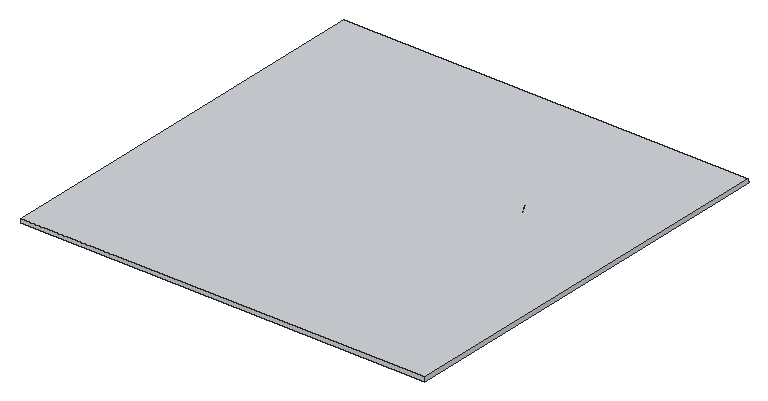
Revit family "Tyco_FireDtctnAlmCtrlIndctEquip_Zettler-AddressableOpticalSmokeDetector", category Fire Alarm Devices, host Face, Revit 2013
Parameters (values of type "830P")
  Weight = "(Excluding Base) 76g"
  WarrantyStartDate [instance] = "1900-12-31T23:59:59"
  WarrantyGuarantorParts = "Contact your supplier. If you don’t have your supplier contact details please contact (tfsuk.service@tycoint.com) or (tfseu.service@tycoint.com)"
  WarrantyGuarantorLabor = "Contact your supplier. If you don’t have your supplier contact details please contact (tfsuk.service@tycoint.com) or (tfseu.service@tycoint.com)"
  WarrantyDurationUnit = "Year"
  WarrantyDurationParts = "1.5 years"
  WarrantyDurationLabor = "1.5 years"
  WarrantyDescription = "n/a"
  Voltage = "20 – 40 VDC"
  Version = "1"
  UsageCurrent = "380μA"
  Uniclass2 = "Ee_40_15_75"
  URL = "http://www.zettlerfire.com/Products/Fire/ZETTLERdetectors/ZETTLERGen6_830P_850P.asp"
  Type Comments = "Only 4B_Detector or 4B-I_Isolator Detector Bases can be used with 830P Detector"
  TimeConstant = "n/a"
  TagNumber [instance] = "n/a"
  SustainabilityPerformance = "n/a"
  StorageTemperature = "-40 °C to +80 °C"
  SmokeSensorRange = "n/a"
  Size = "n/a"
  ShortCircuitIsolators = no
  Shape = "n/a"
  SerialNumber [instance] = "n/a"
  Revision = "n/a"
  ReplacementCost = "n/a"
  RelativeHumidity = "95%(non-condensing)"
  Reference = "n/a"
  QuiescentCurrent = "380μA"
  ProductSpecification = "830P Optical Smoke Detector without built in- line isolator"
  ProductInformation = "http://www.zettlerfire.com/Products/Fire/ZETTLERdetectors/ZETTLERGen6_830P_850P.asp"
  ProductCodes = "516.830.052"
  PressureSensorSetPoint = "n/a"
  PhaseReference = "n/a"
  PhaseAngle = 0.00°
  OperationTemperatureRange = "-25 °C to +70 °C"
  NumberOfPoles = 0
  NominalWidth = 108 mm
  NominalVoltage = "40 V DC"
  NominalLength = 108 mm
  NominalHeight = 42 mm
  NominalFrequencyRange = "n/a"
  NominalDiameter = 108 mm
  NominalCurrent = "n/a"
  Name = "830P-Addressable Optical Smoke Detector"
  NBSReference = "90-75-30/380"
  NBSDescription = "Fire detection and alarm control and indicating equipment (CIE)"
  ModelReference = "n/a"
  ModelNumber = "830P"
  Model = "830P"
  Material = "Flame Retardant-FR3010 ‘BAYBLEND'"
  ManufacturerURL = "www.zettlerfire.com"
  ManufacturerName = "Tyco Fire Protection Products"
  Manufacturer = "Tyco Fire Protection Products"  # constant formula
  InsulationStandardClass = "n/a"
  InstallationDate [instance] = "1900-12-31T23:59:59"
  IfcTypeObject = "IfcBuildingElementProxy"
  IfcExportType = "SMOKESENSOR"
  IfcExportAs = "IfcSensorType"
  IPCode = "IP44"
  HasProtectiveEarth = no
  HasBuiltInAlarm = no
  Grade = "n/a"
  Finish = "n/a"
  Features = "Addressable Optical Smoke Sensor"
  ExpectedLife = "n/a"
  ElectricalDeviceNominalPower = "n/a"
  DurationUnit = "Year"
  DeviceBases = "4B_Detector Base/4B-I_Isolator Detector Base"
  DetectorType = "Smoke Detector"
  Detector Color = Plastic Material White
  Detector Base [instance] = 4B series Detector Bases : 4B_Detector_Base
  Description = "Zettler-Addressable Optical Smoke Detector without built in-line isolator"
  Default Elevation = 1200 mm
  CoverageArea = "n/a"
  Constituents = "n/a"
  Color = "White"
  CodePerformance = "n/a"
  Category = "Ee_40_15_75"
  Brand = "Zettler"
  BarCode [instance] = "n/a"
  BIMObjectName = "Tyco_FireDtctnAlmCtrlIndctEquip_Zettler-AddressableOpticalSmokeDetector-830P"
  Author = "Tyco Fire Protection Products"
  AssetType = "Moveable"
  AssetIdentifier [instance] = "n/a"
  AlarmCurrent = "3.3mA"
  AccuracyOfSmokeSensor = "n/a"
  AccessibilityPerformance = "n/a"
Types (3, lengths in mm): name | Type Comments | ShortCircuitIsolators | ProductSpecification | ProductCodes | Name | ModelNumber | Model | DeviceBases | Detector Base | Description | BIMObjectName
  (no name) | "Only 4B_Detector or 4B-I_Isolator Detector Bases can be used with 830P Detector" | no | "830P Optical Smoke Detector without built in- line isolator" | "516.830.052" | "830P-Addressable Optical Smoke Detector" | "830P" | "830P" | "4B_Detector Base/4B-I_Isolator Detector Base" | 4B series Detector Bases : 4B_Detector_Base | "Zettler-Addressable Optical Smoke Detector without built in-line isolator" | "Tyco_FireDtctnAlmCtrlIndctEquip_Zettler-AddressableOpticalSmokeDetector-830P"
  850P | "Only 4B-C_Continuity Detector Base can be used with 850P Detector" | yes | "850P Optical Smoke Detector with built in-line isolator" | "516.850.052" | "850P-Addressable Optical Smoke Detector" | "850P" | "850P" | "4B-C_Continuity Detector Base" | 4B series Detector Bases : 4B-C_Continuity_Detector_Base | "Zettler-Addressable Optical Smoke Detector with built in-line isolator" | "Tyco_FireDtctnAlmCtrlIndctEquip_Zettler-AddressableOpticalSmokeDetector-850P"
  830P | "Only 4B_Detector or 4B-I_Isolator Detector Bases can be used with 830P Detector" | no | "830P Optical Smoke Detector without built in- line isolator" | "516.830.052" | "830P-Addressable Optical Smoke Detector" | "830P" | "830P" | "4B_Detector Base/4B-I_Isolator Detector Base" | 4B series Detector Bases : 4B_Detector_Base | "Zettler-Addressable Optical Smoke Detector without built in-line isolator" | "Tyco_FireDtctnAlmCtrlIndctEquip_Zettler-AddressableOpticalSmokeDetector-830P"
Reference planes
  plane 1 "Center (Front/Back)": y = 0
  plane 2: z = 0
  plane 3 "Center (Left/Right)": x = 0
  plane 4 "Base Ref": z = -13
  plane 5: z = -55
Forms (mm)
  Extrusion 1, solid
    sketch origin (0, 0, 0) x (1, 0, 0) y (0, 1, 0)
      loop
        line (-100, 100) -> (-100, -100) -> (100, -100) -> (100, 100) -> (-100, 100)
    from 0 to 2
Lines and regions (mm)
  symbolic lines
    curve 1: circle (0, 0, 0) r 55 normal (0, 0, 1)
    curve 2: circle (0, 0, 0) r 27.844 normal (0, 0, 1)
    curve 3: line (-54.5, 0, 0) -> (54.5, 0, 0)
    curve 63: line (0, 54.516, 0) -> (0, -54.509, 0)
  symbolic lines, detail levels medium+fine
    curve 4: line (54.5, 0, 0) -> (54, 0, -13)
    curve 5: line (54, 0, -13) -> (-54, 0, -13)
    curve 6: line (-54, 0, -13) -> (-54.5, 0, 0)
    curve 7: arc (-37.856, 0, -36.4) -> (-41.005, 0, -33.439) -> (-44.898, 0, -31.56) r 14.24
    curve 8: arc (-53.231, 0, -21.704) -> (-50.512, 0, -27.856) -> (-44.898, 0, -31.56) r 11.931
    curve 9: arc (-37.856, 0, -36.4) -> (-35.038, 0, -40.489) -> (-32.735, 0, -44.888) r 41.028
    curve 10: arc (-32.735, 0, -44.888) -> (-28.969, 0, -50.351) -> (-22.82, 0, -52.844) r 11.564
    curve 11: arc (0, 0, -55) -> (-11.461, 0, -54.465) -> (-22.82, 0, -52.844) r 120.632
    curve 12: line (-53.231, 0, -21.704) -> (-54, 0, -13)
    curve 13: arc (37.856, 0, -36.4) -> (41.005, 0, -33.439) -> (44.898, 0, -31.56) r 14.24
    curve 14: arc (53.231, 0, -21.704) -> (50.512, 0, -27.856) -> (44.898, 0, -31.56) r 11.931
    curve 15: arc (37.856, 0, -36.4) -> (35.038, 0, -40.489) -> (32.735, 0, -44.888) r 41.028
    curve 16: arc (32.735, 0, -44.888) -> (28.969, 0, -50.351) -> (22.82, 0, -52.844) r 11.564
    curve 17: arc (0, 0, -55) -> (11.461, 0, -54.465) -> (22.82, 0, -52.844) r 120.632
    curve 18: line (53.231, 0, -21.704) -> (54, 0, -13)
    curve 19: spline (-22.136, 0, -44.829) -> (-22.285, 0, -44.257) -> (-22.444, 0, -43.692) -> (-22.614, 0, -43.133) -> (-22.795, 0, -42.58) -> (-22.986, 0, -42.035) -> (-23.187, 0, -41.497) -> (-23.398, 0, -40.966) -> (-23.619, 0, -40.444) -> (-23.851, 0, -39.931) -> (-24.091, 0, -39.426) -> (-24.341, 0, -38.931) -> (-24.601, 0, -38.445)
    curve 20: spline (-24.601, 0, -38.445) -> (-24.702, 0, -38.266) -> (-24.8, 0, -38.089) -> (-24.896, 0, -37.913) -> (-24.989, 0, -37.739) -> (-25.079, 0, -37.565) -> (-25.167, 0, -37.393) -> (-25.251, 0, -37.223) -> (-25.333, 0, -37.055) -> (-25.411, 0, -36.888) -> (-25.487, 0, -36.723) -> (-25.559, 0, -36.561) -> (-25.629, 0, -36.4)
    curve 21: spline (-16.99, 0, -52.18) -> (-17.571, 0, -51.85) -> (-18.133, 0, -51.46) -> (-18.674, 0, -51.012) -> (-19.19, 0, -50.509) -> (-19.678, 0, -49.954) -> (-20.135, 0, -49.35) -> (-20.561, 0, -48.7) -> (-20.951, 0, -48.007) -> (-21.304, 0, -47.275) -> (-21.617, 0, -46.509) -> (-21.89, 0, -45.712) -> (-22.121, 0, -44.888)
    curve 22: spline (-15.029, 0, -52.569) -> (-15.179, 0, -52.575) -> (-15.34, 0, -52.573) -> (-15.509, 0, -52.563) -> (-15.684, 0, -52.545) -> (-15.863, 0, -52.52) -> (-16.042, 0, -52.488) -> (-16.219, 0, -52.45) -> (-16.391, 0, -52.405) -> (-16.557, 0, -52.355) -> (-16.713, 0, -52.3) -> (-16.858, 0, -52.241) -> (-16.99, 0, -52.179)
    curve 23: line (-8.615, 0, -52.569) -> (-15.029, 0, -52.569)
    curve 24: spline (-7.74, 0, -52.193) -> (-7.718, 0, -52.242) -> (-7.714, 0, -52.29) -> (-7.729, 0, -52.336) -> (-7.763, 0, -52.379) -> (-7.816, 0, -52.418) -> (-7.886, 0, -52.454) -> (-7.973, 0, -52.486) -> (-8.076, 0, -52.513) -> (-8.193, 0, -52.535) -> (-8.323, 0, -52.552) -> (-8.464, 0, -52.563) -> (-8.615, 0, -52.569)
    curve 25: spline (-9.631, 0, -44.858) -> (-9.546, 0, -45.688) -> (-9.446, 0, -46.491) -> (-9.331, 0, -47.263) -> (-9.201, 0, -48) -> (-9.057, 0, -48.698) -> (-8.9, 0, -49.353) -> (-8.732, 0, -49.961) -> (-8.552, 0, -50.519) -> (-8.361, 0, -51.024) -> (-8.162, 0, -51.472) -> (-7.955, 0, -51.863) -> (-7.74, 0, -52.193)
    curve 26: spline (-10.535, 0, -38.446) -> (-10.44, 0, -38.934) -> (-10.348, 0, -39.431) -> (-10.26, 0, -39.938) -> (-10.175, 0, -40.454) -> (-10.093, 0, -40.978) -> (-10.016, 0, -41.511) -> (-9.942, 0, -42.052) -> (-9.872, 0, -42.6) -> (-9.806, 0, -43.155) -> (-9.743, 0, -43.716) -> (-9.685, 0, -44.285) -> (-9.631, 0, -44.858)
    curve 27: spline (-11.314, 0, -36.4) -> (-11.222, 0, -36.558) -> (-11.135, 0, -36.719) -> (-11.053, 0, -36.883) -> (-10.976, 0, -37.048) -> (-10.903, 0, -37.216) -> (-10.836, 0, -37.386) -> (-10.773, 0, -37.558) -> (-10.715, 0, -37.732) -> (-10.663, 0, -37.908) -> (-10.615, 0, -38.086) -> (-10.573, 0, -38.265) -> (-10.535, 0, -38.446)
    curve 28: line (-11.314, 0, -36.4) -> (-25.629, 0, -36.4)
    curve 29: line (25.629, 0, -36.4) -> (11.314, 0, -36.4)
    curve 30: spline (10.566, 0, -38.296) -> (10.604, 0, -38.131) -> (10.646, 0, -37.967) -> (10.693, 0, -37.804) -> (10.745, 0, -37.642) -> (10.8, 0, -37.482) -> (10.861, 0, -37.322) -> (10.926, 0, -37.165) -> (10.995, 0, -37.008) -> (11.068, 0, -36.854) -> (11.146, 0, -36.701) -> (11.228, 0, -36.549) -> (11.314, 0, -36.4)
    curve 31: spline (9.631, 0, -44.858) -> (9.686, 0, -44.27) -> (9.747, 0, -43.687) -> (9.811, 0, -43.111) -> (9.879, 0, -42.542) -> (9.951, 0, -41.981) -> (10.028, 0, -41.428) -> (10.108, 0, -40.883) -> (10.192, 0, -40.346) -> (10.28, 0, -39.819) -> (10.371, 0, -39.301) -> (10.467, 0, -38.794) -> (10.566, 0, -38.296)
    curve 32: spline (7.762, 0, -52.162) -> (7.974, 0, -51.829) -> (8.179, 0, -51.436) -> (8.376, 0, -50.987) -> (8.564, 0, -50.482) -> (8.742, 0, -49.926) -> (8.909, 0, -49.32) -> (9.063, 0, -48.669) -> (9.205, 0, -47.976) -> (9.334, 0, -47.244) -> (9.448, 0, -46.478) -> (9.547, 0, -45.681) -> (9.631, 0, -44.858)
    curve 33: spline (8.688, 0, -52.569) -> (8.521, 0, -52.575) -> (8.364, 0, -52.572) -> (8.22, 0, -52.562) -> (8.091, 0, -52.543) -> (7.979, 0, -52.517) -> (7.884, 0, -52.483) -> (7.81, 0, -52.443) -> (7.757, 0, -52.396) -> (7.725, 0, -52.344) -> (7.716, 0, -52.288) -> (7.729, 0, -52.227) -> (7.764, 0, -52.163)
    curve 34: line (8.688, 0, -52.569) -> (15.092, 0, -52.569)
    curve 35: spline (17.057, 0, -52.145) -> (16.931, 0, -52.199) -> (16.791, 0, -52.252) -> (16.637, 0, -52.303) -> (16.473, 0, -52.352) -> (16.301, 0, -52.397) -> (16.124, 0, -52.438) -> (15.944, 0, -52.474) -> (15.763, 0, -52.505) -> (15.585, 0, -52.53) -> (15.413, 0, -52.55) -> (15.247, 0, -52.563) -> (15.092, 0, -52.569)
    curve 36: spline (22.121, 0, -44.888) -> (21.893, 0, -45.704) -> (21.623, 0, -46.494) -> (21.313, 0, -47.254) -> (20.965, 0, -47.98) -> (20.58, 0, -48.668) -> (20.161, 0, -49.314) -> (19.709, 0, -49.916) -> (19.228, 0, -50.469) -> (18.719, 0, -50.971) -> (18.186, 0, -51.419) -> (17.631, 0, -51.811) -> (17.057, 0, -52.145)
    curve 37: spline (24.552, 0, -38.534) -> (24.296, 0, -39.018) -> (24.049, 0, -39.512) -> (23.812, 0, -40.015) -> (23.584, 0, -40.526) -> (23.366, 0, -41.046) -> (23.157, 0, -41.574) -> (22.959, 0, -42.109) -> (22.77, 0, -42.652) -> (22.592, 0, -43.202) -> (22.425, 0, -43.758) -> (22.268, 0, -44.32) -> (22.121, 0, -44.888)
    curve 38: spline (25.629, 0, -36.4) -> (25.553, 0, -36.565) -> (25.475, 0, -36.732) -> (25.394, 0, -36.903) -> (25.31, 0, -37.075) -> (25.224, 0, -37.25) -> (25.135, 0, -37.428) -> (25.044, 0, -37.607) -> (24.95, 0, -37.789) -> (24.854, 0, -37.973) -> (24.756, 0, -38.158) -> (24.655, 0, -38.345) -> (24.552, 0, -38.534)
    curve 39: spline (-5.342, 0, -52.17) -> (-5.554, 0, -51.838) -> (-5.76, 0, -51.446) -> (-5.958, 0, -50.996) -> (-6.146, 0, -50.492) -> (-6.324, 0, -49.935) -> (-6.492, 0, -49.329) -> (-6.647, 0, -48.677) -> (-6.789, 0, -47.982) -> (-6.918, 0, -47.249) -> (-7.032, 0, -46.481) -> (-7.132, 0, -45.683) -> (-7.216, 0, -44.858)
    curve 40: spline (-7.216, 0, -44.858) -> (-7.282, 0, -44.168) -> (-7.354, 0, -43.485) -> (-7.431, 0, -42.812) -> (-7.514, 0, -42.149) -> (-7.603, 0, -41.497) -> (-7.697, 0, -40.857) -> (-7.796, 0, -40.228) -> (-7.901, 0, -39.612) -> (-8.011, 0, -39.01) -> (-8.125, 0, -38.421) -> (-8.245, 0, -37.848) -> (-8.369, 0, -37.289)
    curve 41: spline (-8.369, 0, -37.289) -> (-8.387, 0, -37.213) -> (-8.403, 0, -37.138) -> (-8.418, 0, -37.063) -> (-8.433, 0, -36.988) -> (-8.447, 0, -36.913) -> (-8.46, 0, -36.839) -> (-8.471, 0, -36.765) -> (-8.482, 0, -36.691) -> (-8.492, 0, -36.618) -> (-8.502, 0, -36.545) -> (-8.51, 0, -36.472) -> (-8.517, 0, -36.4)
    curve 42: line (8.517, 0, -36.4) -> (-8.517, 0, -36.4)
    curve 43: spline (8.517, 0, -36.4) -> (8.51, 0, -36.474) -> (8.501, 0, -36.548) -> (8.491, 0, -36.622) -> (8.481, 0, -36.697) -> (8.47, 0, -36.772) -> (8.457, 0, -36.847) -> (8.444, 0, -36.923) -> (8.43, 0, -37) -> (8.415, 0, -37.076) -> (8.399, 0, -37.153) -> (8.383, 0, -37.231) -> (8.365, 0, -37.308)
    curve 44: spline (8.365, 0, -37.308) -> (8.241, 0, -37.866) -> (8.122, 0, -38.438) -> (8.008, 0, -39.025) -> (7.899, 0, -39.626) -> (7.794, 0, -40.241) -> (7.695, 0, -40.868) -> (7.602, 0, -41.507) -> (7.513, 0, -42.157) -> (7.43, 0, -42.818) -> (7.353, 0, -43.489) -> (7.282, 0, -44.17) -> (7.216, 0, -44.858)
    curve 45: spline (7.216, 0, -44.858) -> (7.132, 0, -45.678) -> (7.034, 0, -46.472) -> (6.92, 0, -47.236) -> (6.792, 0, -47.966) -> (6.651, 0, -48.657) -> (6.497, 0, -49.307) -> (6.331, 0, -49.911) -> (6.155, 0, -50.467) -> (5.968, 0, -50.971) -> (5.772, 0, -51.421) -> (5.568, 0, -51.815) -> (5.357, 0, -52.149)
    curve 46: spline (5.355, 0, -52.148) -> (5.306, 0, -52.202) -> (5.236, 0, -52.255) -> (5.147, 0, -52.305) -> (5.039, 0, -52.353) -> (4.913, 0, -52.398) -> (4.773, 0, -52.439) -> (4.62, 0, -52.475) -> (4.456, 0, -52.505) -> (4.283, 0, -52.531) -> (4.104, 0, -52.55) -> (3.922, 0, -52.563) -> (3.739, 0, -52.569)
    curve 47: line (-3.661, 0, -52.569) -> (3.739, 0, -52.569)
    curve 48: spline (-3.661, 0, -52.569) -> (-3.845, 0, -52.575) -> (-4.029, 0, -52.573) -> (-4.211, 0, -52.562) -> (-4.387, 0, -52.544) -> (-4.556, 0, -52.519) -> (-4.715, 0, -52.486) -> (-4.862, 0, -52.446) -> (-4.994, 0, -52.4) -> (-5.109, 0, -52.348) -> (-5.207, 0, -52.292) -> (-5.284, 0, -52.232) -> (-5.341, 0, -52.169)
    curve 49: line (44.898, 0, -31.56) -> (-44.898, 0, -31.56)
    curve 50: spline (0, 37.856, -36.4) -> (0, 37.299, -37.005) -> (0, 36.763, -37.63) -> (0, 36.251, -38.275) -> (0, 35.762, -38.94) -> (0, 35.296, -39.622) -> (0, 34.855, -40.322) -> (0, 34.439, -41.038) -> (0, 34.049, -41.77) -> (0, 33.685, -42.516) -> (0, 33.348, -43.275) -> (0, 33.038, -44.046) -> (0, 32.755, -44.829)
    curve 51: spline (0, 32.755, -44.829) -> (0, 32.382, -45.801) -> (0, 31.928, -46.735) -> (0, 31.397, -47.625) -> (0, 30.793, -48.464) -> (0, 30.122, -49.246) -> (0, 29.387, -49.964) -> (0, 28.594, -50.613) -> (0, 27.75, -51.188) -> (0, 26.861, -51.685) -> (0, 25.934, -52.1) -> (0, 24.975, -52.43) -> (0, 23.992, -52.672)
    curve 52: arc (0, 53.231, -21.704) -> (0, 50.509, -27.854) -> (0, 44.898, -31.56) r 11.949
    curve 53: arc (0, 44.898, -31.56) -> (0, 41.006, -33.441) -> (0, 37.856, -36.4) r 14.284
    curve 54: arc (0, 23.992, -52.672) -> (0, 12.052, -54.412) -> (0, 0, -55) r 125.727
    curve 55: line (0, 53.231, -21.704) -> (0, 53.992, -13)
    curve 56: spline (0, -37.856, -36.4) -> (0, -37.299, -37.005) -> (0, -36.763, -37.63) -> (0, -36.251, -38.275) -> (0, -35.762, -38.94) -> (0, -35.296, -39.622) -> (0, -34.855, -40.322) -> (0, -34.439, -41.038) -> (0, -34.049, -41.77) -> (0, -33.685, -42.516) -> (0, -33.348, -43.275) -> (0, -33.038, -44.046) -> (0, -32.755, -44.829)
    curve 57: spline (0, -32.755, -44.829) -> (0, -32.382, -45.801) -> (0, -31.928, -46.735) -> (0, -31.397, -47.625) -> (0, -30.793, -48.464) -> (0, -30.122, -49.246) -> (0, -29.387, -49.964) -> (0, -28.594, -50.613) -> (0, -27.75, -51.188) -> (0, -26.861, -51.685) -> (0, -25.934, -52.1) -> (0, -24.975, -52.43) -> (0, -23.992, -52.672)
    curve 58: arc (0, -53.231, -21.704) -> (0, -50.509, -27.854) -> (0, -44.898, -31.56) r 11.949
    curve 59: arc (0, -44.898, -31.56) -> (0, -41.006, -33.441) -> (0, -37.856, -36.4) r 14.284
    curve 60: arc (0, -23.992, -52.672) -> (0, -12.052, -54.412) -> (0, 0, -55) r 125.727
    curve 61: line (0, -53.231, -21.704) -> (0, -53.992, -13)
    curve 62: line (0, 53.992, -13) -> (0, -53.992, -13)
    curve 64: line (0, -54.509, 0) -> (0, -53.992, -13)
    curve 65: line (0, 53.992, -13) -> (0, 54.516, 0)
    curve 66: line (0, 53.231, -21.704) -> (0, -53.231, -21.704)
    curve 67: spline (0, 5.342, -52.17) -> (0, 5.554, -51.838) -> (0, 5.76, -51.446) -> (0, 5.958, -50.996) -> (0, 6.146, -50.492) -> (0, 6.324, -49.935) -> (0, 6.492, -49.329) -> (0, 6.647, -48.677) -> (0, 6.789, -47.982) -> (0, 6.918, -47.249) -> (0, 7.032, -46.481) -> (0, 7.132, -45.683) -> (0, 7.216, -44.858)
    curve 68: spline (0, 3.661, -52.569) -> (0, 3.845, -52.575) -> (0, 4.029, -52.573) -> (0, 4.21, -52.562) -> (0, 4.387, -52.544) -> (0, 4.556, -52.519) -> (0, 4.715, -52.486) -> (0, 4.862, -52.446) -> (0, 4.994, -52.4) -> (0, 5.109, -52.348) -> (0, 5.207, -52.292) -> (0, 5.284, -52.232) -> (0, 5.341, -52.169)
    curve 69: line (0, 0, -52.569) -> (0, 3.661, -52.569)
    curve 70: line (0, -3.739, -52.569) -> (0, 0, -52.569)
    curve 71: spline (0, -5.355, -52.148) -> (0, -5.306, -52.202) -> (0, -5.236, -52.255) -> (0, -5.147, -52.305) -> (0, -5.039, -52.353) -> (0, -4.913, -52.398) -> (0, -4.773, -52.439) -> (0, -4.62, -52.475) -> (0, -4.456, -52.505) -> (0, -4.283, -52.531) -> (0, -4.104, -52.55) -> (0, -3.922, -52.563) -> (0, -3.739, -52.569)
    curve 72: spline (0, -7.216, -44.858) -> (0, -7.132, -45.678) -> (0, -7.034, -46.472) -> (0, -6.92, -47.236) -> (0, -6.792, -47.966) -> (0, -6.651, -48.657) -> (0, -6.497, -49.307) -> (0, -6.331, -49.911) -> (0, -6.155, -50.467) -> (0, -5.968, -50.971) -> (0, -5.772, -51.421) -> (0, -5.568, -51.815) -> (0, -5.357, -52.149)
    curve 73: spline (0, -8.365, -37.308) -> (0, -8.241, -37.866) -> (0, -8.122, -38.438) -> (0, -8.008, -39.025) -> (0, -7.899, -39.626) -> (0, -7.794, -40.241) -> (0, -7.695, -40.868) -> (0, -7.602, -41.507) -> (0, -7.513, -42.157) -> (0, -7.43, -42.818) -> (0, -7.353, -43.489) -> (0, -7.282, -44.17) -> (0, -7.216, -44.858)
    curve 74: spline (0, 7.216, -44.858) -> (0, 7.282, -44.165) -> (0, 7.354, -43.48) -> (0, 7.432, -42.805) -> (0, 7.516, -42.14) -> (0, 7.605, -41.486) -> (0, 7.699, -40.843) -> (0, 7.799, -40.212) -> (0, 7.904, -39.594) -> (0, 8.014, -38.99) -> (0, 8.13, -38.4) -> (0, 8.25, -37.825) -> (0, 8.375, -37.265)
    curve 75: spline (0, 8.375, -37.265) -> (0, 8.391, -37.191) -> (0, 8.407, -37.118) -> (0, 8.422, -37.045) -> (0, 8.436, -36.972) -> (0, 8.449, -36.899) -> (0, 8.462, -36.827) -> (0, 8.473, -36.755) -> (0, 8.484, -36.683) -> (0, 8.493, -36.612) -> (0, 8.502, -36.541) -> (0, 8.51, -36.47) -> (0, 8.517, -36.4)
    curve 76: line (0, 8.517, -36.4) -> (0, 0, -36.4)
    curve 77: line (0, 0, -36.4) -> (0, -8.517, -36.4)
    curve 78: spline (0, -8.517, -36.4) -> (0, -8.51, -36.474) -> (0, -8.501, -36.548) -> (0, -8.491, -36.622) -> (0, -8.481, -36.697) -> (0, -8.47, -36.772) -> (0, -8.457, -36.848) -> (0, -8.444, -36.923) -> (0, -8.43, -37) -> (0, -8.415, -37.076) -> (0, -8.399, -37.153) -> (0, -8.383, -37.231) -> (0, -8.365, -37.308)
    curve 79: spline (0, 11.314, -36.4) -> (0, 11.222, -36.558) -> (0, 11.135, -36.719) -> (0, 11.053, -36.882) -> (0, 10.976, -37.048) -> (0, 10.903, -37.216) -> (0, 10.836, -37.386) -> (0, 10.773, -37.558) -> (0, 10.715, -37.732) -> (0, 10.663, -37.907) -> (0, 10.615, -38.085) -> (0, 10.573, -38.264) -> (0, 10.535, -38.445)
    curve 80: spline (0, 10.535, -38.445) -> (0, 10.44, -38.933) -> (0, 10.348, -39.43) -> (0, 10.26, -39.937) -> (0, 10.175, -40.453) -> (0, 10.094, -40.978) -> (0, 10.016, -41.51) -> (0, 9.942, -42.051) -> (0, 9.872, -42.599) -> (0, 9.806, -43.154) -> (0, 9.743, -43.716) -> (0, 9.685, -44.284) -> (0, 9.631, -44.858)
    curve 81: spline (0, 9.631, -44.858) -> (0, 9.546, -45.688) -> (0, 9.446, -46.491) -> (0, 9.33, -47.263) -> (0, 9.201, -48) -> (0, 9.057, -48.698) -> (0, 8.9, -49.353) -> (0, 8.732, -49.961) -> (0, 8.552, -50.519) -> (0, 8.361, -51.024) -> (0, 8.162, -51.472) -> (0, 7.955, -51.863) -> (0, 7.74, -52.193)
    curve 82: spline (0, 7.74, -52.193) -> (0, 7.718, -52.242) -> (0, 7.714, -52.29) -> (0, 7.729, -52.336) -> (0, 7.763, -52.379) -> (0, 7.816, -52.418) -> (0, 7.886, -52.454) -> (0, 7.973, -52.486) -> (0, 8.076, -52.513) -> (0, 8.193, -52.535) -> (0, 8.323, -52.552) -> (0, 8.464, -52.563) -> (0, 8.616, -52.569)
    curve 83: line (0, 8.616, -52.569) -> (0, 15.029, -52.569)
    curve 84: spline (0, 15.029, -52.569) -> (0, 15.179, -52.575) -> (0, 15.34, -52.573) -> (0, 15.509, -52.563) -> (0, 15.684, -52.545) -> (0, 15.863, -52.52) -> (0, 16.041, -52.488) -> (0, 16.219, -52.45) -> (0, 16.391, -52.405) -> (0, 16.557, -52.355) -> (0, 16.713, -52.3) -> (0, 16.858, -52.241) -> (0, 16.99, -52.179)
    curve 85: spline (0, 16.99, -52.18) -> (0, 17.571, -51.85) -> (0, 18.133, -51.46) -> (0, 18.674, -51.012) -> (0, 19.19, -50.509) -> (0, 19.678, -49.954) -> (0, 20.135, -49.35) -> (0, 20.561, -48.7) -> (0, 20.951, -48.007) -> (0, 21.304, -47.275) -> (0, 21.617, -46.509) -> (0, 21.89, -45.712) -> (0, 22.121, -44.888)
    curve 86: spline (0, 22.136, -44.829) -> (0, 22.285, -44.257) -> (0, 22.444, -43.692) -> (0, 22.614, -43.133) -> (0, 22.795, -42.58) -> (0, 22.985, -42.035) -> (0, 23.187, -41.497) -> (0, 23.398, -40.967) -> (0, 23.619, -40.445) -> (0, 23.85, -39.931) -> (0, 24.091, -39.426) -> (0, 24.341, -38.931) -> (0, 24.601, -38.445)
    curve 87: spline (0, 24.601, -38.445) -> (0, 24.702, -38.267) -> (0, 24.8, -38.09) -> (0, 24.896, -37.914) -> (0, 24.989, -37.739) -> (0, 25.079, -37.566) -> (0, 25.167, -37.394) -> (0, 25.251, -37.224) -> (0, 25.333, -37.055) -> (0, 25.411, -36.888) -> (0, 25.487, -36.724) -> (0, 25.559, -36.561) -> (0, 25.629, -36.4)
    curve 88: line (0, 25.629, -36.4) -> (0, 11.314, -36.4)
    curve 89: line (0, -11.314, -36.4) -> (0, -25.629, -36.4)
    curve 90: spline (0, -25.629, -36.4) -> (0, -25.553, -36.565) -> (0, -25.475, -36.733) -> (0, -25.394, -36.903) -> (0, -25.31, -37.076) -> (0, -25.224, -37.251) -> (0, -25.135, -37.428) -> (0, -25.044, -37.608) -> (0, -24.95, -37.789) -> (0, -24.854, -37.973) -> (0, -24.755, -38.159) -> (0, -24.655, -38.346) -> (0, -24.552, -38.535)
    curve 91: spline (0, -24.552, -38.535) -> (0, -24.298, -39.015) -> (0, -24.053, -39.504) -> (0, -23.818, -40.002) -> (0, -23.591, -40.509) -> (0, -23.375, -41.024) -> (0, -23.168, -41.546) -> (0, -22.97, -42.077) -> (0, -22.783, -42.614) -> (0, -22.606, -43.159) -> (0, -22.439, -43.709) -> (0, -22.282, -44.266) -> (0, -22.136, -44.829)
    curve 92: spline (0, -22.121, -44.888) -> (0, -21.893, -45.704) -> (0, -21.623, -46.494) -> (0, -21.313, -47.254) -> (0, -20.965, -47.98) -> (0, -20.58, -48.668) -> (0, -20.161, -49.314) -> (0, -19.709, -49.916) -> (0, -19.228, -50.469) -> (0, -18.719, -50.971) -> (0, -18.186, -51.419) -> (0, -17.631, -51.811) -> (0, -17.057, -52.145)
    curve 93: spline (0, -17.057, -52.145) -> (0, -16.931, -52.199) -> (0, -16.79, -52.252) -> (0, -16.637, -52.304) -> (0, -16.473, -52.352) -> (0, -16.301, -52.397) -> (0, -16.124, -52.438) -> (0, -15.944, -52.474) -> (0, -15.763, -52.505) -> (0, -15.585, -52.53) -> (0, -15.413, -52.55) -> (0, -15.247, -52.563) -> (0, -15.092, -52.569)
    curve 94: line (0, -8.688, -52.569) -> (0, -15.092, -52.569)
    curve 95: spline (0, -8.688, -52.569) -> (0, -8.521, -52.575) -> (0, -8.364, -52.573) -> (0, -8.22, -52.562) -> (0, -8.091, -52.544) -> (0, -7.978, -52.517) -> (0, -7.884, -52.484) -> (0, -7.81, -52.443) -> (0, -7.757, -52.397) -> (0, -7.725, -52.344) -> (0, -7.716, -52.287) -> (0, -7.729, -52.226) -> (0, -7.764, -52.163)
    curve 96: spline (0, -7.763, -52.162) -> (0, -7.975, -51.828) -> (0, -8.18, -51.436) -> (0, -8.376, -50.986) -> (0, -8.564, -50.482) -> (0, -8.742, -49.925) -> (0, -8.909, -49.32) -> (0, -9.063, -48.669) -> (0, -9.205, -47.976) -> (0, -9.334, -47.244) -> (0, -9.448, -46.478) -> (0, -9.547, -45.681) -> (0, -9.631, -44.858)
    curve 97: spline (0, -9.631, -44.858) -> (0, -9.686, -44.27) -> (0, -9.747, -43.687) -> (0, -9.811, -43.111) -> (0, -9.879, -42.542) -> (0, -9.951, -41.981) -> (0, -10.028, -41.427) -> (0, -10.108, -40.882) -> (0, -10.192, -40.346) -> (0, -10.28, -39.818) -> (0, -10.372, -39.301) -> (0, -10.467, -38.793) -> (0, -10.566, -38.295)
    curve 98: spline (0, -10.566, -38.295) -> (0, -10.604, -38.13) -> (0, -10.646, -37.966) -> (0, -10.693, -37.803) -> (0, -10.745, -37.642) -> (0, -10.8, -37.481) -> (0, -10.861, -37.322) -> (0, -10.926, -37.164) -> (0, -10.995, -37.008) -> (0, -11.068, -36.854) -> (0, -11.146, -36.701) -> (0, -11.228, -36.549) -> (0, -11.314, -36.4)
  symbolic lines, detail levels coarse
    curve 99: line (-54.5, 0, -55) -> (-54.5, 0, 0)
    curve 100: line (54.559, 0, -55) -> (-54.5, 0, -55)
    curve 101: line (54.559, 0, 0) -> (54.559, 0, -55)
    curve 102: line (0, 54.516, 0) -> (0, 54.516, -55)
    curve 103: line (0, -54.509, 0) -> (0, -54.509, -55)
    curve 104: line (0, -54.509, -55) -> (0, 54.516, -55)
Dimensions and locks
  locked: plane 4 "Base Ref" to plane 5 at 42
  locked: Extrusion 1 sketch curve to Extrusion 1 sketch curve at 200  (x2)
  locked: plane 3 "Center (Left/Right)" to Extrusion 1 sketch curve at 100
  locked: plane 1 "Center (Front/Back)" to Extrusion 1 sketch curve at 100
  locked: level to plane 4 "Base Ref" at 13
  aligned and locked: plane 2 to Extrusion 1
  aligned and locked: level to Extrusion 1
  aligned and locked: plane 3 "Center (Left/Right)" to nested 1
  aligned and locked: plane 1 "Center (Front/Back)" to nested 1
  aligned and locked: plane 1 "Center (Front/Back)" to nested 2
  aligned and locked: plane 3 "Center (Left/Right)" to nested 2
  aligned and locked: plane 1 "Center (Front/Back)" to curve 1
  aligned and locked: plane 3 "Center (Left/Right)" to curve 1
  aligned and locked: plane 1 "Center (Front/Back)" to curve 2
  aligned and locked: plane 3 "Center (Left/Right)" to curve 2
  aligned and locked: plane 4 "Base Ref" to nested 1
  aligned and locked: nested 1 to Extrusion 1
  aligned and locked: curve 12 to nested 2
  aligned and locked: curve 28 to nested 2
  aligned and locked: nested 1 to curve 62
  aligned and locked: nested 2 to curve 88
  aligned and locked: curve 99 to nested 1
  aligned and locked: plane 5 to curve 100
  aligned and locked: curve 101 to nested 1
  aligned and locked: nested 1 to curve 99
  aligned and locked: plane 5 to curve 104
Nested families
  nested 1: "4B series Detector Bases" at (0, 0, 0), type <- "Detector Base", type "4B_Detector_Base"
  nested 2: "Detector Model" at (0, 0, -13), type "Detector Model"
Connectors
  electrical at (0, 0, 0)
    settings: on plane 2, index 1, voltage 0 V, apparent load 0 VA, apparent load phase1 0 VA, apparent load phase2 0 VA, apparent load phase3 0 VA, power factor 1, load classification "Other", number of poles 1, system type 11, power factor state 1, is connector primary yes, connector utility no, sub classification motor no, connector description "Loop Powered"
Definition of nested family "4B series Detector Bases"
  Parameters (values of type "4B-I_Isolator_Detector_Base")
    Material = Plastic Material White
    Manufacturer = "Tyco"
    Default Elevation = 0 mm
  Types (3): name
    4B_Detector_Base
    4B-C_Continuity_Detector_Base
    4B-I_Isolator_Detector_Base
  Reference planes
    plane 1 "Center (Front/Back)": y = 0
    plane 2: z = 0
    plane 3 "Center (Left/Right)": x = 0
    plane 4 "Base Ref": z = -13
  Forms (mm)
    Revolve 1, solid, material "Plastic Material White" <- "Material"
      sketch origin (0, 0, 0) x (1, 0, 0) y (0, 0, 1)
        loop
          line (0, 0) -> (-54.5, 0) -> (-54.023, -13) -> (0, -13) -> (0, 0)
        axis (0, 0) -> (0, -13)
      angle from 0 to 360
  Dimensions and locks
    locked: plane 3 "Center (Left/Right)" to Revolve 1 sketch curve at 54.5
    plane 3 "Center (Left/Right)" to Revolve 1 sketch curve = 54.023 mm
    locked: level to plane 4 "Base Ref" at 13
    locked: Revolve 1 sketch curve to Revolve 1 sketch curve (angle 87.90°)
    aligned and locked: level to plane 2
    aligned and locked: plane 3 "Center (Left/Right)" to Revolve 1 sketch curve
    aligned and locked: level to Revolve 1 sketch curve
    aligned and locked: Revolve 1 sketch curve to plane 3 "Center (Left/Right)"
    aligned and locked: plane 4 "Base Ref" to Revolve 1 sketch curve
Definition of nested family "Detector Model"
  Parameters (values of type "Detector Model")
    Model = "Detector Model"
    Material = Plastic Material White
    Manufacturer = "Tyco"
  Reference planes
    plane 1 "Center (Front/Back)": y = 0
    plane 2: z = 0
    plane 3 "Center (Left/Right)": x = 0
    plane 4: z = -42
    plane 5 "Ref": z = -23.4
  Forms (mm)
    Revolve 1, solid, material "Plastic Material White" <- "Material"
      sketch origin (0, 0, 0) x (1, 0, 0) y (0, 0, 1)
        loop
          arc (-53.231, -8.704) -> (-50.502, -14.848) -> (-44.898, -18.56) r 12
          arc (-44.898, -18.56) -> (-37.35, -23.928) -> (-32.568, -31.859) r 22.749
          arc (-32.568, -31.859) -> (-29.115, -36.946) -> (-23.598, -39.657) r 12.009
          arc (-23.598, -39.657) -> (-11.857, -41.413) -> (0, -42) r 120
          line (0, -42) -> (0, -39.5)
          arc (0, -39.5) -> (-11.964, -38.889) -> (-23.804, -37.064) r 117.5
          line (-23.804, -37.064) -> (-27.901, -23.206) -> (-38.112, -19.797)
          arc (-38.112, -19.797) -> (-40.949, -17.799) -> (-44.033, -16.209) r 25.249
          arc (-44.033, -16.209) -> (-48.534, -13.303) -> (-50.746, -8.424) r 9.5
          line (-50.746, -8.424) -> (-51.49, 0) -> (-54, 0) -> (-53.231, -8.704)
        axis (0, 0) -> (0, -42)
      angle from 0 to 360
    Extrusion 2, void
      sketch origin (0, 0, 0) x (1, 0, 0) y (0, 1, 0)
        loop
          arc (3.675, 23.717) -> (4.724, 23.943) -> (5.354, 24.811) r 1.5
          line (5.354, 24.811) -> (8.376, 36.088)
          arc (8.376, 36.088) -> (8.535, 37.153) -> (8.464, 38.226) r 5
          line (8.464, 38.226) -> (7.11, 45.906)
          arc (7.11, 45.906) -> (0, 46.454) -> (-7.11, 45.906) r 46.454
          line (-7.11, 45.906) -> (-8.464, 38.226)
          arc (-8.464, 38.226) -> (-8.535, 37.14) -> (-8.369, 36.064) r 5
          line (-8.369, 36.064) -> (-5.354, 24.811)
          arc (-5.354, 24.811) -> (-4.724, 23.943) -> (-3.675, 23.717) r 1.5
          arc (-3.675, 23.717) -> (0, 24) -> (3.675, 23.717) r 24
        loop
          line (-34.489, 10.535) -> (-24.164, 7.769)
          arc (-24.164, 7.769) -> (-23.097, 7.88) -> (-22.377, 8.675) r 1.5
          arc (-22.377, 8.675) -> (-20.785, 12) -> (-18.702, 15.041) r 24
          arc (-18.702, 15.041) -> (-18.373, 16.063) -> (-18.81, 17.042) r 1.5
          line (-18.81, 17.042) -> (-26.368, 24.601)
          arc (-26.368, 24.601) -> (-27.121, 25.219) -> (-27.978, 25.679) r 5
          line (-27.978, 25.679) -> (-36.201, 29.11)
          arc (-36.201, 29.11) -> (-40.23, 23.227) -> (-43.311, 16.796) r 46.454
          line (-43.311, 16.796) -> (-36.229, 11.391)
          arc (-36.229, 11.391) -> (-35.401, 10.878) -> (-34.489, 10.535) r 5
        loop
          line (-24.811, 5.354) -> (-36.089, 8.376)
          arc (-36.089, 8.376) -> (-37.153, 8.535) -> (-38.226, 8.464) r 5
          line (-38.226, 8.464) -> (-45.906, 7.11)
          arc (-45.906, 7.11) -> (-46.454, 0) -> (-45.906, -7.11) r 46.454
          line (-45.906, -7.11) -> (-38.226, -8.464)
          arc (-38.226, -8.464) -> (-37.153, -8.535) -> (-36.088, -8.376) r 5
          line (-36.088, -8.376) -> (-24.811, -5.354)
          arc (-24.811, -5.354) -> (-23.943, -4.724) -> (-23.717, -3.675) r 1.5
          arc (-23.717, -3.675) -> (-24, 0) -> (-23.717, 3.675) r 24
          arc (-23.717, 3.675) -> (-23.943, 4.724) -> (-24.811, 5.354) r 1.5
        loop
          line (-24.601, 26.369) -> (-17.042, 18.81)
          arc (-17.042, 18.81) -> (-16.063, 18.373) -> (-15.041, 18.702) r 1.5
          arc (-15.041, 18.702) -> (-12, 20.785) -> (-8.676, 22.377) r 24
          arc (-8.676, 22.377) -> (-7.88, 23.097) -> (-7.769, 24.164) r 1.5
          line (-7.769, 24.164) -> (-10.535, 34.489)
          arc (-10.535, 34.489) -> (-10.878, 35.4) -> (-11.39, 36.228) r 5
          line (-11.39, 36.228) -> (-16.796, 43.311)
          arc (-16.796, 43.311) -> (-23.227, 40.23) -> (-29.11, 36.201) r 46.454
          line (-29.11, 36.201) -> (-25.68, 27.979)
          arc (-25.68, 27.979) -> (-25.219, 27.121) -> (-24.601, 26.369) r 5
        loop
          arc (7.772, 24.177) -> (7.877, 23.103) -> (8.675, 22.377) r 1.5
          arc (8.675, 22.377) -> (12, 20.785) -> (15.041, 18.702) r 24
          arc (15.041, 18.702) -> (16.062, 18.373) -> (17.042, 18.81) r 1.5
          line (17.042, 18.81) -> (24.601, 26.369)
          arc (24.601, 26.369) -> (25.219, 27.121) -> (25.68, 27.979) r 5
          line (25.68, 27.979) -> (29.11, 36.201)
          arc (29.11, 36.201) -> (23.227, 40.23) -> (16.796, 43.311) r 46.454
          line (16.796, 43.311) -> (11.39, 36.228)
          arc (11.39, 36.228) -> (10.878, 35.4) -> (10.535, 34.489) r 5
          line (10.535, 34.489) -> (7.772, 24.177)
        loop
          arc (18.818, 17.05) -> (18.373, 16.068) -> (18.702, 15.041) r 1.5
          arc (18.702, 15.041) -> (20.785, 12) -> (22.377, 8.675) r 24
          arc (22.377, 8.675) -> (23.097, 7.88) -> (24.164, 7.769) r 1.5
          line (24.164, 7.769) -> (34.489, 10.535)
          arc (34.489, 10.535) -> (35.401, 10.878) -> (36.229, 11.391) r 5
          line (36.229, 11.391) -> (43.311, 16.796)
          arc (43.311, 16.796) -> (40.23, 23.227) -> (36.201, 29.11) r 46.454
          line (36.201, 29.11) -> (27.978, 25.679)
          arc (27.978, 25.679) -> (27.121, 25.219) -> (26.368, 24.601) r 5
          line (26.368, 24.601) -> (18.818, 17.05)
        loop
          arc (23.717, -3.675) -> (23.943, -4.724) -> (24.811, -5.354) r 1.5
          line (24.811, -5.354) -> (36.085, -8.375)
          arc (36.085, -8.375) -> (37.151, -8.535) -> (38.226, -8.464) r 5
          line (38.226, -8.464) -> (45.906, -7.11)
          arc (45.906, -7.11) -> (46.454, 0) -> (45.906, 7.11) r 46.454
          line (45.906, 7.11) -> (38.226, 8.464)
          arc (38.226, 8.464) -> (37.151, 8.535) -> (36.085, 8.375) r 5
          line (36.085, 8.375) -> (24.811, 5.354)
          arc (24.811, 5.354) -> (23.943, 4.724) -> (23.717, 3.675) r 1.5
          arc (23.717, 3.675) -> (24, 0) -> (23.717, -3.675) r 24
        loop
          arc (18.702, -15.041) -> (18.372, -16.057) -> (18.802, -17.034) r 1.5
          line (18.802, -17.034) -> (26.368, -24.601)
          arc (26.368, -24.601) -> (27.121, -25.219) -> (27.978, -25.679) r 5
          line (27.978, -25.679) -> (36.201, -29.11)
          arc (36.201, -29.11) -> (40.23, -23.227) -> (43.311, -16.796) r 46.454
          line (43.311, -16.796) -> (36.229, -11.391)
          arc (36.229, -11.391) -> (35.401, -10.878) -> (34.489, -10.535) r 5
          line (34.489, -10.535) -> (24.164, -7.769)
          arc (24.164, -7.769) -> (23.097, -7.88) -> (22.377, -8.675) r 1.5
          arc (22.377, -8.675) -> (20.785, -12) -> (18.702, -15.041) r 24
        loop
          arc (8.675, -22.377) -> (7.883, -23.091) -> (7.765, -24.151) r 1.5
          line (7.765, -24.151) -> (10.535, -34.489)
          arc (10.535, -34.489) -> (10.878, -35.4) -> (11.39, -36.228) r 5
          line (11.39, -36.228) -> (16.796, -43.311)
          arc (16.796, -43.311) -> (23.227, -40.23) -> (29.11, -36.201) r 46.454
          line (29.11, -36.201) -> (25.68, -27.979)
          arc (25.68, -27.979) -> (25.219, -27.121) -> (24.601, -26.369) r 5
          line (24.601, -26.369) -> (17.042, -18.81)
          arc (17.042, -18.81) -> (16.062, -18.373) -> (15.041, -18.702) r 1.5
          arc (15.041, -18.702) -> (12, -20.785) -> (8.675, -22.377) r 24
        loop
          line (8.376, -36.088) -> (5.354, -24.811)
          arc (5.354, -24.811) -> (4.724, -23.943) -> (3.675, -23.717) r 1.5
          arc (3.675, -23.717) -> (0, -24) -> (-3.675, -23.717) r 24
          arc (-3.675, -23.717) -> (-4.724, -23.943) -> (-5.354, -24.811) r 1.5
          line (-5.354, -24.811) -> (-8.369, -36.064)
          arc (-8.369, -36.064) -> (-8.535, -37.14) -> (-8.464, -38.226) r 5
          line (-8.464, -38.226) -> (-7.11, -45.906)
          arc (-7.11, -45.906) -> (0, -46.454) -> (7.11, -45.906) r 46.454
          line (7.11, -45.906) -> (8.464, -38.226)
          arc (8.464, -38.226) -> (8.535, -37.153) -> (8.376, -36.088) r 5
        loop
          line (-10.535, -34.489) -> (-7.769, -24.164)
          arc (-7.769, -24.164) -> (-7.88, -23.097) -> (-8.676, -22.377) r 1.5
          arc (-8.676, -22.377) -> (-12, -20.785) -> (-15.041, -18.702) r 24
          arc (-15.041, -18.702) -> (-16.063, -18.373) -> (-17.042, -18.81) r 1.5
          line (-17.042, -18.81) -> (-24.601, -26.369)
          arc (-24.601, -26.369) -> (-25.219, -27.121) -> (-25.68, -27.979) r 5
          line (-25.68, -27.979) -> (-29.11, -36.201)
          arc (-29.11, -36.201) -> (-23.227, -40.23) -> (-16.796, -43.311) r 46.454
          line (-16.796, -43.311) -> (-11.39, -36.228)
          arc (-11.39, -36.228) -> (-10.878, -35.4) -> (-10.535, -34.489) r 5
        loop
          line (-26.368, -24.601) -> (-18.81, -17.042)
          arc (-18.81, -17.042) -> (-18.373, -16.063) -> (-18.702, -15.041) r 1.5
          arc (-18.702, -15.041) -> (-20.785, -12) -> (-22.377, -8.675) r 24
          arc (-22.377, -8.675) -> (-23.097, -7.88) -> (-24.164, -7.769) r 1.5
          line (-24.164, -7.769) -> (-34.489, -10.535)
          arc (-34.489, -10.535) -> (-35.401, -10.878) -> (-36.229, -11.391) r 5
          line (-36.229, -11.391) -> (-43.311, -16.796)
          arc (-43.311, -16.796) -> (-40.23, -23.227) -> (-36.201, -29.11) r 46.454
          line (-36.201, -29.11) -> (-27.978, -25.679)
          arc (-27.978, -25.679) -> (-27.121, -25.219) -> (-26.368, -24.601) r 5
      from -42 to -23.4
    Revolve 3, solid, material "Material Black", detail levels fine
      sketch origin (0, 0, 0) x (1, 0, 0) y (0, 0, 1)
        loop
          line (0, -39.569) -> (0, 0) -> (-50, 0) -> (-50, -8.704) -> (-34, -8.704)
          arc (-34, -8.704) -> (-31.172, -9.876) -> (-30, -12.704) r 4
          line (-30, -12.704) -> (-30, -21.4)
          arc (-30, -21.4) -> (-29.414, -22.814) -> (-28, -23.4) r 2
          line (-28, -23.4) -> (-22, -23.4)
          arc (-22, -23.4) -> (-20.586, -23.986) -> (-20, -25.4) r 2
          line (-20, -25.4) -> (-20, -37.569)
          arc (-20, -37.569) -> (-19.414, -38.983) -> (-18, -39.569) r 2
          line (-18, -39.569) -> (0, -39.569)
        axis (0, 0) -> (0, -39.569)
      angle from 0 to 360
  Cuts and joins
    Extrusion 2 cuts Revolve 1
  Dimensions and locks
    locked: level to plane 4 at 42
    locked: Revolve 1 sketch curve to Revolve 1 sketch curve at 2.5
    locked: plane 3 "Center (Left/Right)" to Revolve 1 sketch curve at 54
    locked: level to plane 5 "Ref" at 23.4
    locked: plane 3 "Center (Left/Right)" to Revolve 3 sketch curve at 50
    locked: plane 3 "Center (Left/Right)" to Revolve 3 sketch curve at 30
    locked: plane 3 "Center (Left/Right)" to Revolve 3 sketch curve at 20
    aligned and locked: level to plane 2
    aligned and locked: Revolve 1 sketch curve to plane 3 "Center (Left/Right)"  (x2)
    aligned and locked: plane 4 to Revolve 1 sketch curve
    aligned and locked: Revolve 1 sketch curve to level
    aligned and locked: plane 4 to Extrusion 2
    aligned and locked: plane 5 "Ref" to cut or joined group of Revolve 1, Extrusion 2
    aligned and locked: Revolve 3 sketch curve to plane 3 "Center (Left/Right)"  (x2)
    aligned and locked: cut or joined group of Revolve 1, Extrusion 2 to Revolve 3 sketch curve
    aligned and locked: Revolve 3 sketch curve to cut or joined group of Revolve 1, Extrusion 2
    aligned and locked: Revolve 3 sketch curve to level
    aligned and locked: Revolve 3 sketch curve to Revolve 3 sketch curve
